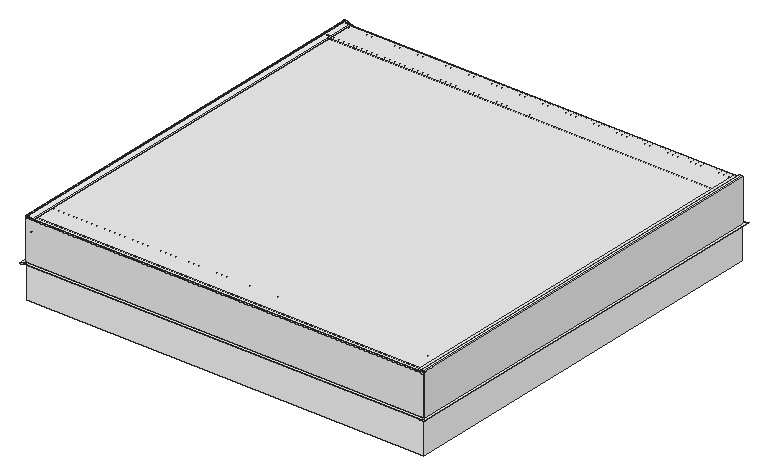
Revit family "QDAR4x4", category Lighting Fixtures, host Ceiling, Revit 2023
Family settings
  Host = Ceiling
  Round Connector Dimension = Use Diameter
  Part Type = Normal
  OmniClass Number = 23.80.70.11.14.17
  OmniClass Title = Direct/Indirect
  Always vertical = Yes
  Cut with Voids When Loaded = No
  Light Source = Yes
  Maintain Annotation Orientation = No
  Shared = No
  Room Calculation Point = No
Parameters (values of type "QDAR4X4D4-LED840K160LUNV")
  Width = 3' - 11 3/4"
  Wattage = 142.118 W
  built-in parameter 1150110 = 1 (stored number, unit not read)
  Voltage = 120 V
  URL = "https://viscor.com/products/quadra-xl"
  built-in parameter 1114217 = 0.9 (stored number, unit not read)
  Tilt Angle = 90.00°
  built-in parameter 1150109 = 1 (stored number, unit not read)
  built-in parameter 1150134 = 12
  built-in parameter 1150113 = 1 (stored number, unit not read)
  Photometric Web File = "QDAR2X2D4-LED840K40LUNV.ies"
  Model = "QDAR-XL"  # constant formula
  Manufacturer = "VISIONEERING by VISCOR"  # constant formula
  Lumens = 16102 lm
  built-in parameter 1150115 = 1 (stored number, unit not read)
  built-in parameter 1150105 = 1281.4 (stored number, unit not read)
  built-in parameter 1150137 = (empty or 0)
  built-in parameter 1150139 = (empty or 0)
  Lens Finish = Acrylic - Viscor - Opal White Square
  Lens Depth = 0' - 4"
  Length = 3' - 11 3/4"
  Lamp Wattage = 142 VA
  built-in parameter 1150112 = 1 (stored number, unit not read)
  built-in parameter 1150114 = 1 (stored number, unit not read)
  Lamp = "LED"  # constant formula
  built-in parameter 1150132 = (empty or 0)
  built-in parameter 1150102 = (empty or 0)
  built-in parameter 1150138 = (empty or 0)
  built-in parameter 1150107 = 4000 (stored number, unit not read)
  built-in parameter 1150106 = 12.814 (stored number, unit not read)
  Housing Finish = Metal - Viscor - White
  Emit from Rectangle Width = Width  # 3' - 11 3/4"
  Emit from Rectangle Length = Length  # 3' - 11 3/4"
  Emit from Rectangle Height = Lens Depth  # 0' - 4"
  Emit Shape Visible in Rendering = no
  built-in parameter 1150104 = 10.526 (stored number, unit not read)
  Dimming Lamp Color Temperature Shift = <None>
  Description = "4x4 Recessed Architectural Drop Lens"  # constant formula
  Default Elevation = 0' - 0"
  Color Filter = 16777215
  built-in parameter 1114218 = 1 (stored number, unit not read)
  built-in parameter 1150133 = 10 (stored number, unit not read)
  Assembly Code = "D5020200"
  Apparent Load = Lamp Wattage  # 142 VA
Types (12): name | Wattage | Photometric Web File | Lumens | built-in parameter 1150105 | Lens Depth | Lamp Wattage | built-in parameter 1150106 | Emit from Rectangle Height | built-in parameter 1150104 | Apparent Load
  (no name) | 142.118 W | "QDAR2X2D4-LED840K40LUNV.ies" | 16102 lm | 1281.4 (stored number, unit not read) | 0' - 4" | 142 VA | 12.814 (stored number, unit not read) | 0' - 4" | 10.526 (stored number, unit not read) | 142 VA
  QDAR4X4D0-LED840K080LUNV | 70.0448 W | "QDAR4X4D0-LED840K080LUNV.ies" | 7817 lm | 622.06 (stored number, unit not read) | 0' - 0 1/32" | 70 VA | 6.2206 (stored number, unit not read) | 0' - 0 1/32" | 10.368 (stored number, unit not read) | 70 VA
  QDAR4X4D0-LED840K120LUNV | 106.02 W | "QDAR4X4D0-LED840K120LUNV.ies" | 11694 lm | 930.58 (stored number, unit not read) | 0' - 0 1/32" | 106 VA | 9.3058 (stored number, unit not read) | 0' - 0 1/32" | 10.247 (stored number, unit not read) | 106 VA
  QDAR4X4D0-LED840K160LUNV | 142.024 W | "QDAR4X4D0-LED840K160LUNV.ies" | 15509 lm | 1234.2 (stored number, unit not read) | 0' - 0 1/32" | 142 VA | 12.342 (stored number, unit not read) | 0' - 0 1/32" | 10.145 (stored number, unit not read) | 142 VA
  QDAR4X4D1-LED840K120LUNV | 106.061 W | "QDAR4X4D1-LED840K120LUNV.ies" | 11741 lm | 934.32 (stored number, unit not read) | 0' - 1" | 106 VA | 9.3432 (stored number, unit not read) | 0' - 1" | 10.284 (stored number, unit not read) | 106 VA
  QDAR4X4D1-LED840K160LUNV | 142.08 W | 0' - 0" | 15572 lm | 1239.2 (stored number, unit not read) | 0' - 1" | 142 VA | 12.392 (stored number, unit not read) | 0' - 1" | 10.182 (stored number, unit not read) | 142 VA
  QDAR4X4D2-LED840K120LUNV | 106.036 W | "QDAR4X4D2-LED840K120LUNV.ies" | 11876 lm | 945.06 (stored number, unit not read) | 0' - 2" | 106 VA | 9.4506 (stored number, unit not read) | 0' - 2" | 10.405 (stored number, unit not read) | 106 VA
  QDAR4X4D2-LED840K160LUNV | 142.02 W | "QDAR4X4D2-LED840K160LUNV.ies" | 15750 lm | 1253.3 (stored number, unit not read) | 0' - 2" | 142 VA | 12.533 (stored number, unit not read) | 0' - 2" | 10.303 (stored number, unit not read) | 142 VA
  QDAR4X4D3-LED840K120LUNV | 106.061 W | 0' - 0" | 12091 lm | 962.17 (stored number, unit not read) | 0' - 3" | 106 VA | 9.6217 (stored number, unit not read) | 0' - 3" | 10.591 (stored number, unit not read) | 106 VA
  QDAR4X4D3-LED840K160LUNV | 142.037 W | "QDAR4X4D3-LED840K160LUNV.ies" | 16036 lm | 1276.1 (stored number, unit not read) | 0' - 3" | 142 VA | 12.761 (stored number, unit not read) | 0' - 3" | 10.489 (stored number, unit not read) | 142 VA
  QDAR4X4D4-LED840K120LUNV | 106.035 W | "QDAR4X4D4-LED840K120LUNV.ies" | 12141 lm | 966.15 (stored number, unit not read) | 0' - 4" | 106 VA | 9.6615 (stored number, unit not read) | 0' - 4" | 10.637 (stored number, unit not read) | 106 VA
  QDAR4X4D4-LED840K160LUNV | 142.118 W | "QDAR2X2D4-LED840K40LUNV.ies" | 16102 lm | 1281.4 (stored number, unit not read) | 0' - 4" | 142 VA | 12.814 (stored number, unit not read) | 0' - 4" | 10.526 (stored number, unit not read) | 142 VA
Reference planes (in)
  plane 1 "Light Source Axis (F/B)": y = 0
  plane 2 "Ceiling": z = 96
  plane 3 "Light Source Axis (L/R)": x = 0
  plane 4 "Light Source Elevation": z = 92
  plane 5: y = 23.875
  plane 6: y = -23.875
  plane 7: x = -23.875
  plane 8: x = 23.875
  plane 9: x = -23.8125
  plane 10: x = 23.8125
  plane 11: y = 23.469
  plane 12: y = -23.469
  plane 13: x = -23.469
  plane 14: x = 23.469
  plane 15 "Lens Depth": z = 92
  plane 16: x = -23.438
  plane 17: x = 23.438
  plane 18: y = -23.438
  plane 19: y = 23.438
Forms (in)
  Extrusion 1, void
    sketch origin (0, 0, 96) x (1, 0, 0) y (0, 1, 0)
      loop
        line (-23.875, -23.875) -> (23.875, -23.875) -> (23.875, 23.875) -> (-23.875, 23.875) -> (-23.875, -23.875)
    from -4.41728 to 4.86229
  Extrusion 2, solid, material "Metal - Viscor - White" <- "Housing Finish"
    sketch origin (0, 0, 0) x (1, 0, 0) y (0, 0, 1)
      loop
        line (-22.88428, 100.783) -> (-22.5956, 100.783) -> (-22.5956, 100.81425) -> (-22.89685, 100.81425) -> (-23.1466, 101.00125) -> (-23.43, 101.00125)
        arc (-23.43, 101.00125) -> (-23.47967, 100.98067) -> (-23.50025, 100.931) r 0.07025
        line (-23.50025, 100.931) -> (-23.50025, 96) -> (-23.469, 96) -> (-23.469, 100.931)
        arc (-23.469, 100.931) -> (-23.45758, 100.95858) -> (-23.43, 100.97) r 0.039
        line (-23.43, 100.97) -> (-23.157, 100.97) -> (-22.92564, 100.79677)
        arc (-22.92564, 100.79677) -> (-22.90607, 100.78653) -> (-22.88428, 100.783) r 0.069
    from -23.469 to 23.469
  Extrusion 3, solid, material "Metal - Viscor - White" <- "Housing Finish"
    sketch origin (0, 0, 0) x (1, 0, 0) y (0, 0, 1)
      loop
        line (-23.875, 96) -> (-23.50025, 96) -> (-23.50025, 96.03125) -> (-23.875, 96.03125) -> (-23.875, 96)
    from -23.875 to 23.875
  Extrusion 4, solid, material "Metal - Viscor - White" <- "Housing Finish"
    sketch origin (0, 0, 0) x (-1, 0, 0) y (0, 0, -1)
      loop
        arc (-22.88428, -100.783) -> (-22.90607, -100.78653) -> (-22.92564, -100.79677) r 0.069
        line (-22.92564, -100.79677) -> (-23.157, -100.97) -> (-23.43, -100.97)
        arc (-23.43, -100.97) -> (-23.45758, -100.95858) -> (-23.469, -100.931) r 0.039
        line (-23.469, -100.931) -> (-23.469, -96) -> (-23.50025, -96) -> (-23.50025, -100.931)
        arc (-23.50025, -100.931) -> (-23.47967, -100.98067) -> (-23.43, -101.00125) r 0.07025
        line (-23.43, -101.00125) -> (-23.1466, -101.00125) -> (-22.89685, -100.81425) -> (-22.5956, -100.81425) -> (-22.5956, -100.783) -> (-22.88428, -100.783)
    from -23.469 to 23.469
  Extrusion 5, solid, material "Metal - Viscor - White" <- "Housing Finish"
    sketch origin (0, 0, 0) x (-1, 0, 0) y (0, 0, -1)
      loop
        line (-23.875, -96) -> (-23.875, -96.03125) -> (-23.50025, -96.03125) -> (-23.50025, -96) -> (-23.875, -96)
    from -23.875 to 23.875
  Extrusion 6, solid, material "Metal - Viscor - White" <- "Housing Finish"
    sketch origin (0, 0, 0) x (0, 1, 0) y (0, 0, 1)
      loop
        line (23.875, 96) -> (23.875, 96.03125) -> (23.538, 96.03125)
        arc (23.538, 96.03125) -> (23.51131, 96.04231) -> (23.50025, 96.069) r 0.03775
        line (23.50025, 96.069) -> (23.50025, 100.714)
        arc (23.50025, 100.714) -> (23.47967, 100.76367) -> (23.43, 100.78425) r 0.07025
        line (23.43, 100.78425) -> (-23.43, 100.78425)
        arc (-23.43, 100.78425) -> (-23.47967, 100.76367) -> (-23.50025, 100.714) r 0.07025
        line (-23.50025, 100.714) -> (-23.50025, 96.069)
        arc (-23.50025, 96.069) -> (-23.51131, 96.04231) -> (-23.538, 96.03125) r 0.03775
        line (-23.538, 96.03125) -> (-23.875, 96.03125) -> (-23.875, 96) -> (-23.538, 96)
        arc (-23.538, 96) -> (-23.48921, 96.02021) -> (-23.469, 96.069) r 0.069
        line (-23.469, 96.069) -> (-23.469, 100.714)
        arc (-23.469, 100.714) -> (-23.45758, 100.74158) -> (-23.43, 100.753) r 0.039
        line (-23.43, 100.753) -> (23.43, 100.753)
        arc (23.43, 100.753) -> (23.45758, 100.74158) -> (23.469, 100.714) r 0.039
        line (23.469, 100.714) -> (23.469, 96.069)
        arc (23.469, 96.069) -> (23.48921, 96.02021) -> (23.538, 96) r 0.069
        line (23.538, 96) -> (23.875, 96)
    from -23.469 to 23.469
  Extrusion 7, solid, material "Metal - Viscor - White" <- "Housing Finish"
    sketch origin (0, 0, 0) x (0, 1, 0) y (0, 0, 1)
      loop
        line (22.969, 99.042) -> (22.969, 100.753) -> (22.93775, 100.753) -> (22.93775, 99.042)
        arc (22.93775, 99.042) -> (22.92874, 99.02026) -> (22.907, 99.01125) r 0.03075
        line (22.907, 99.01125) -> (22.43026, 99.01125) -> (20.71963, 99.99889)
        arc (20.71963, 99.99889) -> (20.70837, 100.01014) -> (20.70425, 100.02552) r 0.03075
        line (20.70425, 100.02552) -> (20.70425, 100.691)
        arc (20.70425, 100.691) -> (20.68367, 100.74067) -> (20.634, 100.76125) r 0.07025
        line (20.634, 100.76125) -> (20.196, 100.76125) -> (20.196, 100.73) -> (20.634, 100.73)
        arc (20.634, 100.73) -> (20.66158, 100.71858) -> (20.673, 100.691) r 0.039
        line (20.673, 100.691) -> (20.673, 100.02552)
        arc (20.673, 100.02552) -> (20.68131, 99.99452) -> (20.704, 99.97182) r 0.062
        line (20.704, 99.97182) -> (22.42189, 98.98) -> (22.907, 98.98)
        arc (22.907, 98.98) -> (22.95084, 98.99816) -> (22.969, 99.042) r 0.062
    from -23.469 to 23.469
  Extrusion 8, solid, material "Metal - Viscor - White" <- "Housing Finish"
    sketch origin (0, 0, 0) x (0, -1, 0) y (0, 0, -1)
      loop
        arc (22.969, -99.042) -> (22.95084, -98.99816) -> (22.907, -98.98) r 0.062
        line (22.907, -98.98) -> (22.42189, -98.98) -> (20.704, -99.97182)
        arc (20.704, -99.97182) -> (20.68131, -99.99452) -> (20.673, -100.02552) r 0.062
        line (20.673, -100.02552) -> (20.673, -100.691)
        arc (20.673, -100.691) -> (20.66158, -100.71858) -> (20.634, -100.73) r 0.039
        line (20.634, -100.73) -> (20.196, -100.73) -> (20.196, -100.76125) -> (20.634, -100.76125)
        arc (20.634, -100.76125) -> (20.68367, -100.74067) -> (20.70425, -100.691) r 0.07025
        line (20.70425, -100.691) -> (20.70425, -100.02552)
        arc (20.70425, -100.02552) -> (20.70837, -100.01014) -> (20.71962, -99.99889) r 0.03075
        line (20.71962, -99.99889) -> (22.43026, -99.01125) -> (22.907, -99.01125)
        arc (22.907, -99.01125) -> (22.92874, -99.02026) -> (22.93775, -99.042) r 0.03075
        line (22.93775, -99.042) -> (22.93775, -100.753) -> (22.969, -100.753) -> (22.969, -99.042)
    from -23.469 to 23.469
  Extrusion 9, solid, material "Acrylic - Viscor - Opal White Square" <- "Lens Finish"
    sketch origin (0, 0, 0) x (0, 1, 0) y (0, 0, 1)
      loop
        line (23.406, 92.03125) -> (23.406, 97) -> (-23.406, 97) -> (-23.406, 92.03125) -> (23.406, 92.03125)
    from -23.438 to 23.438
Dimensions and locks (in)
  equal spacing: host sketch curve, plane 3 "Light Source Axis (L/R)", host sketch curve
  equal spacing: host sketch curve, plane 1 "Light Source Axis (F/B)", host sketch curve
  host sketch curve to host sketch curve = 10' - 0"  (x2)
  equal spacing: plane 7, plane 3 "Light Source Axis (L/R)", plane 8
  "Length": plane 7 to plane 8
  equal spacing: plane 5, plane 1 "Light Source Axis (F/B)", plane 6
  "Width": plane 5 to plane 6
  "Emit from Rectangle Height": plane 4 "Light Source Elevation" to plane 2 "Ceiling"
  locked: plane 7 to plane 9 at 0.0625
  locked: plane 10 to plane 8 at 0.0625
  locked: plane 5 to plane 11 at 0.406
  locked: plane 12 to plane 6 at 0.406
  locked: plane 7 to plane 13 at 0.406
  locked: plane 14 to plane 8 at 0.406
  locked: plane 13 to plane 16 at 0.031
  plane 17 to Extrusion 4 = 0' - 0.031"
  locked: plane 17 to plane 14 at 0.031
  locked: plane 18 to plane 12 at 0.031
  locked: plane 11 to plane 19 at 0.031
  "Lens Depth": plane 2 "Ceiling" to plane 15 "Lens Depth"
  aligned and locked: plane 3 "Light Source Axis (L/R)" to imposter light
  aligned and locked: plane 1 "Light Source Axis (F/B)" to imposter light
  aligned and locked: plane 4 "Light Source Elevation" to imposter light
  aligned and locked: plane 5 to Extrusion 1
  aligned and locked: Extrusion 1 to plane 6
  aligned and locked: plane 8 to Extrusion 1
  aligned and locked: Extrusion 2 to plane 12
  aligned and locked: plane 11 to Extrusion 2
  aligned and locked: plane 5 to Extrusion 3
  aligned and locked: Extrusion 3 to plane 6
  aligned and locked: plane 5 to Extrusion 5
  aligned and locked: plane 11 to Extrusion 4
  aligned and locked: Extrusion 5 to plane 6
  aligned and locked: Extrusion 4 to plane 12
  aligned and locked: Extrusion 6 to plane 13
  aligned and locked: Extrusion 6 to plane 14
  aligned and locked: Extrusion 7 to plane 13
  aligned and locked: plane 14 to Extrusion 7
  aligned and locked: plane 13 to Extrusion 8
  aligned and locked: Extrusion 8 to plane 14
  aligned and locked: Extrusion 9 to plane 16
  aligned and locked: Extrusion 9 to plane 17
Automatic sketch dimensions
  Extrusion 1 sketch curve to plane 6 = 0' - 0"
  Extrusion 1 sketch curve to plane 5 = 0' - 0"
  Extrusion 1 sketch curve to plane 8 = 0' - 0"
  plane 7 to Extrusion 1 sketch curve = 0' - 0"
  Extrusion 2 sketch curve to Extrusion 2 sketch curve = 0' - 0"  (x2)
  Extrusion 2 sketch curve to plane 2 "Ceiling" = 0' - 0"
  Extrusion 2 sketch curve to plane 13 = 0' - 0 1/32"
  Extrusion 2 sketch curve to plane 13 = 0' - 0"
  plane 13 to Extrusion 2 sketch curve = 0' - 0.039"
  Extrusion 2 sketch curve to Extrusion 2 sketch curve = 0' - 0.273"
  Extrusion 2 sketch curve to Extrusion 2 sketch curve = 0' - 0.0104"
  Extrusion 2 sketch curve to Extrusion 2 sketch curve = 0' - 0.23136"
  Extrusion 2 sketch curve to Extrusion 2 sketch curve = 0' - 0.02879"
  Extrusion 2 sketch curve to Extrusion 2 sketch curve = 0' - 0.01257"
  Extrusion 2 sketch curve to Extrusion 2 sketch curve = 0' - 0.28868"
  plane 2 "Ceiling" to Extrusion 2 sketch curve = 0' - 4.783"
  Extrusion 2 sketch curve to Extrusion 2 sketch curve = 0' - 0.01377"
  Extrusion 2 sketch curve to Extrusion 2 sketch curve = 0' - 0 1/32"
  Extrusion 2 sketch curve to Extrusion 2 sketch curve = 0' - 0.13423"
  Extrusion 3 sketch curve to plane 7 = 0' - 0"
  Extrusion 3 sketch curve to plane 2 "Ceiling" = 0' - 0"
  Extrusion 3 sketch curve to plane 13 = 0' - 0 1/32"
  Extrusion 3 sketch curve to Extrusion 3 sketch curve = 0' - 0 1/32"
  Extrusion 4 sketch curve to Extrusion 4 sketch curve = 0' - 0"  (x2)
  Extrusion 4 sketch curve to plane 2 "Ceiling" = 0' - 0"
  Extrusion 4 sketch curve to plane 14 = 0' - 0"
  Extrusion 4 sketch curve to Extrusion 4 sketch curve = 0' - 0 1/32"  (x2)
  plane 14 to Extrusion 4 sketch curve = 0' - 0.039"
  Extrusion 4 sketch curve to Extrusion 4 sketch curve = 0' - 0.273"
  Extrusion 4 sketch curve to Extrusion 4 sketch curve = 0' - 0.0104"
  Extrusion 4 sketch curve to Extrusion 4 sketch curve = 0' - 0.23136"
  Extrusion 4 sketch curve to Extrusion 4 sketch curve = 0' - 0.02879"
  Extrusion 4 sketch curve to Extrusion 4 sketch curve = 0' - 0.01257"
  Extrusion 4 sketch curve to Extrusion 4 sketch curve = 0' - 0.28868"
  Extrusion 4 sketch curve to plane 2 "Ceiling" = 0' - 4.783"
  Extrusion 4 sketch curve to Extrusion 4 sketch curve = 0' - 0.01377"
  Extrusion 4 sketch curve to Extrusion 4 sketch curve = 0' - 0.13423"
  Extrusion 5 sketch curve to plane 8 = 0' - 0"
  Extrusion 5 sketch curve to plane 2 "Ceiling" = 0' - 0"
  Extrusion 5 sketch curve to plane 14 = 0' - 0 1/32"
  Extrusion 5 sketch curve to Extrusion 5 sketch curve = 0' - 0 1/32"
  Extrusion 6 sketch curve to Extrusion 6 sketch curve = 0' - 0"  (x8)
  Extrusion 6 sketch curve to plane 2 "Ceiling" = 0' - 0"  (x2)
  Extrusion 6 sketch curve to plane 6 = 0' - 0"
  Extrusion 6 sketch curve to plane 12 = 0' - 0"
  Extrusion 6 sketch curve to plane 11 = 0' - 0"
  Extrusion 6 sketch curve to plane 5 = 0' - 0"
  Extrusion 6 sketch curve to Extrusion 6 sketch curve = 0' - 0.069"
  Extrusion 6 sketch curve to plane 12 = 0' - 0 1/32"
  Extrusion 6 sketch curve to Extrusion 6 sketch curve = 0' - 0.039"  (x2)
  Extrusion 6 sketch curve to Extrusion 6 sketch curve = 0' - 0.03775"
  Extrusion 6 sketch curve to Extrusion 6 sketch curve = 0' - 4.645"
  Extrusion 7 sketch curve to Extrusion 7 sketch curve = 0' - 0"  (x6)
  Extrusion 7 sketch curve to plane 11 = 0' - 3.273"
  Extrusion 7 sketch curve to Extrusion 7 sketch curve = 0' - 0.438"
  Extrusion 7 sketch curve to Extrusion 7 sketch curve = 0' - 0.039"
  Extrusion 7 sketch curve to Extrusion 7 sketch curve = 0' - 0.031"
  Extrusion 7 sketch curve to Extrusion 7 sketch curve = 0' - 0 1/32"  (x2)
  Extrusion 7 sketch curve to Extrusion 7 sketch curve = 0' - 0.01538"
  Extrusion 7 sketch curve to Extrusion 7 sketch curve = 0' - 0.01537"
  Extrusion 7 sketch curve to plane 11 = 0' - 1.04711"
  Extrusion 7 sketch curve to Extrusion 7 sketch curve = 0' - 0.00837"
  Extrusion 7 sketch curve to Extrusion 7 sketch curve = 0' - 0.47674"
  Extrusion 7 sketch curve to plane 11 = 0' - 0 17/32"
  plane 2 "Ceiling" to Extrusion 7 sketch curve = 0' - 2.98"
  Extrusion 7 sketch curve to Extrusion 7 sketch curve = 0' - 0.96057"
  Extrusion 7 sketch curve to Extrusion 7 sketch curve = 0' - 0.66548"
  Extrusion 7 sketch curve to Extrusion 7 sketch curve = 0' - 1.711"
  Extrusion 8 sketch curve to Extrusion 8 sketch curve = 0' - 0"  (x6)
  Extrusion 8 sketch curve to plane 12 = 0' - 3.273"
  Extrusion 8 sketch curve to Extrusion 8 sketch curve = 0' - 0.438"
  Extrusion 8 sketch curve to Extrusion 8 sketch curve = 0' - 0.039"
  Extrusion 8 sketch curve to Extrusion 8 sketch curve = 0' - 0.031"
  Extrusion 8 sketch curve to Extrusion 8 sketch curve = 0' - 0 1/32"  (x2)
  Extrusion 8 sketch curve to Extrusion 8 sketch curve = 0' - 0.01538"
  Extrusion 8 sketch curve to Extrusion 8 sketch curve = 0' - 0.01537"
  Extrusion 8 sketch curve to plane 12 = 0' - 1.04711"
  Extrusion 8 sketch curve to Extrusion 8 sketch curve = 0' - 0.00837"
  Extrusion 8 sketch curve to Extrusion 8 sketch curve = 0' - 0.47674"
  Extrusion 8 sketch curve to plane 12 = 0' - 0 17/32"
  Extrusion 8 sketch curve to plane 2 "Ceiling" = 0' - 2.98"
  Extrusion 8 sketch curve to Extrusion 8 sketch curve = 0' - 0.96057"
  Extrusion 8 sketch curve to Extrusion 8 sketch curve = 0' - 0.66548"
  Extrusion 8 sketch curve to Extrusion 8 sketch curve = 0' - 1.711"
  plane 15 "Lens Depth" to Extrusion 9 sketch curve = 0' - 0 1/32"
  plane 12 to Extrusion 9 sketch curve = 0' - 0.063"
  Extrusion 9 sketch curve to plane 11 = 0' - 0.063"
  plane 2 "Ceiling" to Extrusion 9 sketch curve = 0' - 1"
Connectors (in)
  electrical at (0, 0, 96), driven by "Voltage", driven by "Apparent Load"
    settings: index 1, voltage 120 V, apparent load 0 VA, apparent load phase1 142 VA, apparent load phase2 0 VA, apparent load phase3 0 VA, power factor 1, load classification "Other", number of poles 1, system type 31, power factor state 1, is connector primary yes, connector utility no, sub classification motor no, connector description ""
